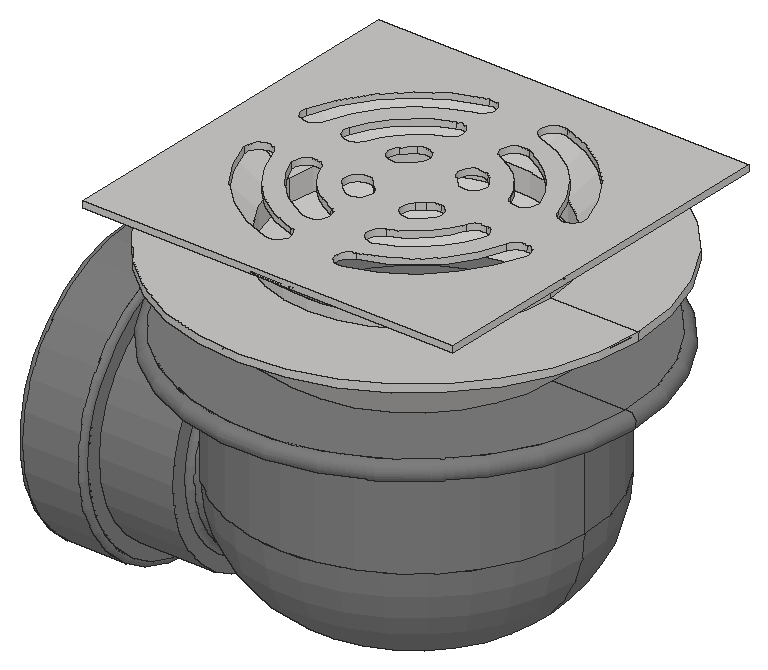
Revit family "PlumbingFixture_Drain_Galvin_DH", category Plumbing Fixtures, host Face, Revit 2011
Parameters (values of type "DH2B04SX - ST/ST 316")
  URL = "www.galvinengineering.com.au"
  Type Comments = "Square"
  StyleOrType_ANZRS = "Drain"
  ModifiedIssue_ANZRS = 20140526.01  # constant formula
  Model = "DH2B04SX - ST/ST 316"
  Manufacturer = "Galvin Engineering"
  Keynote = "10800"
  Instructions = "http://www.galvinengineering.com.au/Installation_Guides_1.aspx"
  GrateMaterial = Metal_Drains_Stainless-Steel_15400
  FilterObject_ANZRS = "DH-SX"
  OutletRadius_DoNotEdit = 25 mm
  DimTop = 100 mm  # constant formula
  DimOutlet = if(OutletRadius_DoNotEdit > 0 mm, (OutletRadius_DoNotEdit * 2), (OutletRadius_DoNotEdit * 2))  # 50 mm
  DimGrateHeight = 21 mm  # constant formula
  DimBodyHeight = 75 mm  # constant formula
  DimAdjustableTop = 35 mm  # constant formula
  Description = "Square Horizontal Drain Combination - Balcony"
  Default Elevation = 0 mm
  CreatedBy_ANZRS = "Galvin Engineering"
  CreatedByURL_ANZRS = "www.galvinengineering.com.au"
  CreatedByPhoneNo_ANZRS = "61-8-92495900"
  Circulation_ANZRS = yes
  CHWFlow_ANZRS = 1.2 L/s
  BodyMaterial = Metal_Drains_Cast-Iron_15400
  Assembly Code = "D2040200"
  Application = "PVC/HDPE"
Reference planes
  plane 1 "Center (Front/Back)": y = 0
  plane 2 "Face": z = 0
  plane 3 "Center (Left/Right)": x = 0
  plane 4 "Left": x = -50
  plane 5 "Right": x = 50
  plane 6 "AdjustableTop": z = 35
  plane 7 "GrateHeight": z = -21
  plane 8 "Bottom": z = -96
Forms (mm)
  Revolve 1, void
    sketch origin (0, 0, 0) x (1, 0, 0) y (0, 0, 1)
      loop
        line (0, 0) -> (0, -86.029) -> (13.824, -86.029)
        arc (13.824, -86.029) -> (36.452, -76.656) -> (45.824, -54.029) r 32
        line (45.824, -54.029) -> (45.824, -24.944) -> (57.024, -24.944)
        arc (57.024, -24.944) -> (59.524, -22.444) -> (57.024, -19.944) r 2.5
        line (57.024, -19.944) -> (36.928, -19.944) -> (58.262, -2) -> (60.262, -2) -> (60.262, 0) -> (0, 0)
      axis (0, 0) -> (0, -86.029)
    angle from 0 to 360
  Revolve 2, solid, material "Metal_Drains_Cast-Iron_15400" <- "BodyMaterial"
    sketch origin (0, 0, 0) x (1, 0, 0) y (0, 0, 1)
      loop
        line (35.75, -19.945) -> (35.75, -24.942) -> (43.824, -24.942) -> (43.824, -54.048)
        arc (43.824, -54.048) -> (35.037, -75.261) -> (13.824, -84.048) r 30
        line (13.824, -84.048) -> (0, -84.048) -> (0, -86.048) -> (13.824, -86.048)
        arc (13.824, -86.048) -> (36.452, -76.675) -> (45.824, -54.048) r 32
        line (45.824, -54.048) -> (45.824, -24.942) -> (57.111, -24.942)
        arc (57.111, -24.942) -> (59.523, -22.356) -> (56.937, -19.945) r 2.5
        line (56.937, -19.945) -> (35.75, -19.945)
      axis (0, -19.945) -> (0, -86.048)
    angle from 0 to 360
  Extrusion 3, solid, material "Metal_Drains_Stainless-Steel_15400" <- "GrateMaterial"
    sketch origin (0, 0, 0) x (1, 0, 0) y (0, 1, 0)
      loop
        line (50, 50) -> (-50, 50) -> (-50, -50) -> (50, -50) -> (50, 50)
      loop
        arc (-10.635, 38.001) -> (-27.994, 27.812) -> (-38.069, 10.387) r 39.461
        arc (-38.069, 10.387) -> (-35.662, 6.174) -> (-31.448, 8.581) r 3.431
        arc (-31.448, 8.581) -> (-23.125, 22.975) -> (-8.785, 31.392) r 32.598
        arc (-8.785, 31.392) -> (-6.888, 32.744) -> (-6.292, 34.995) r 3.431
        arc (-6.292, 34.995) -> (-7.758, 37.518) -> (-10.635, 38.001) r 3.431
      loop
        arc (-9.882, 25.873) -> (-19.638, 19.53) -> (-25.927, 9.74) r 27.696
        arc (-25.927, 9.74) -> (-23.921, 5.321) -> (-19.503, 7.326) r 3.431
        arc (-19.503, 7.326) -> (-14.772, 14.691) -> (-7.433, 19.462) r 20.833
        arc (-7.433, 19.462) -> (-5.749, 20.847) -> (-5.239, 22.967) r 3.431
        arc (-5.239, 22.967) -> (-6.837, 25.576) -> (-9.882, 25.873) r 3.431
      loop
        arc (-12.401, 9.606) -> (-11.79, 4.792) -> (-6.976, 5.403) r 3.431
        arc (-6.976, 5.403) -> (-6.244, 6.234) -> (-5.415, 6.966) r 8.824
        arc (-5.415, 6.966) -> (-4.376, 8.303) -> (-4.103, 9.975) r 3.431
        arc (-4.103, 9.975) -> (-6.149, 12.821) -> (-9.627, 12.385) r 3.431
        arc (-9.627, 12.385) -> (-11.101, 11.082) -> (-12.401, 9.606) r 15.686
      loop
        arc (-12.385, -9.627) -> (-11.082, -11.101) -> (-9.606, -12.401) r 15.686
        arc (-9.606, -12.401) -> (-4.792, -11.79) -> (-5.403, -6.976) r 3.431
        arc (-5.403, -6.976) -> (-6.234, -6.244) -> (-6.966, -5.415) r 8.824
        arc (-6.966, -5.415) -> (-11.781, -4.812) -> (-12.385, -9.627) r 3.431
      loop
        arc (-25.873, -9.882) -> (-19.53, -19.638) -> (-9.74, -25.927) r 27.696
        arc (-9.74, -25.927) -> (-5.321, -23.921) -> (-7.326, -19.503) r 3.431
        arc (-7.326, -19.503) -> (-14.691, -14.772) -> (-19.462, -7.433) r 20.833
        arc (-19.462, -7.433) -> (-23.892, -5.452) -> (-25.873, -9.882) r 3.431
      loop
        arc (-31.392, -8.785) -> (-35.621, -6.406) -> (-38.001, -10.635) r 3.431
        arc (-38.001, -10.635) -> (-27.812, -27.994) -> (-10.387, -38.069) r 39.461
        arc (-10.387, -38.069) -> (-6.174, -35.662) -> (-8.581, -31.448) r 3.431
        arc (-8.581, -31.448) -> (-22.975, -23.125) -> (-31.392, -8.785) r 32.598
      loop
        arc (8.785, -31.392) -> (6.406, -35.621) -> (10.635, -38.001) r 3.431
        arc (10.635, -38.001) -> (27.994, -27.812) -> (38.069, -10.387) r 39.461
        arc (38.069, -10.387) -> (37.566, -7.511) -> (35.029, -6.063) r 3.431
        arc (35.029, -6.063) -> (32.785, -6.677) -> (31.448, -8.581) r 3.431
        arc (31.448, -8.581) -> (23.125, -22.975) -> (8.785, -31.392) r 32.598
      loop
        arc (7.433, -19.462) -> (5.452, -23.892) -> (9.882, -25.873) r 3.431
        arc (9.882, -25.873) -> (19.638, -19.53) -> (25.927, -9.74) r 27.696
        arc (25.927, -9.74) -> (25.61, -6.692) -> (22.985, -5.112) r 3.431
        arc (22.985, -5.112) -> (20.874, -5.637) -> (19.503, -7.326) r 3.431
        arc (19.503, -7.326) -> (14.772, -14.691) -> (7.433, -19.462) r 20.833
      loop
        arc (12.401, -9.606) -> (12.826, -6.116) -> (9.959, -4.084) r 3.431
        arc (9.959, -4.084) -> (8.3, -4.366) -> (6.976, -5.403) r 3.431
        arc (6.976, -5.403) -> (6.244, -6.234) -> (5.415, -6.966) r 8.824
        arc (5.415, -6.966) -> (4.812, -11.781) -> (9.627, -12.385) r 3.431
        arc (9.627, -12.385) -> (11.101, -11.082) -> (12.401, -9.606) r 15.686
      loop
        arc (6.966, 5.415) -> (11.781, 4.812) -> (12.385, 9.627) r 3.431
        arc (12.385, 9.627) -> (11.082, 11.101) -> (9.606, 12.401) r 15.686
        arc (9.606, 12.401) -> (4.792, 11.79) -> (5.403, 6.976) r 3.431
        arc (5.403, 6.976) -> (6.234, 6.244) -> (6.966, 5.415) r 8.824
      loop
        arc (19.462, 7.433) -> (23.892, 5.452) -> (25.873, 9.882) r 3.431
        arc (25.873, 9.882) -> (19.53, 19.638) -> (9.74, 25.927) r 27.696
        arc (9.74, 25.927) -> (5.321, 23.921) -> (7.326, 19.503) r 3.431
        arc (7.326, 19.503) -> (14.691, 14.772) -> (19.462, 7.433) r 20.833
      loop
        arc (31.392, 8.785) -> (35.621, 6.406) -> (38.001, 10.635) r 3.431
        arc (38.001, 10.635) -> (27.812, 27.994) -> (10.387, 38.069) r 39.461
        arc (10.387, 38.069) -> (6.174, 35.662) -> (8.581, 31.448) r 3.431
        arc (8.581, 31.448) -> (22.975, 23.125) -> (31.392, 8.785) r 32.598
    from 15.055 to 13.4
  Revolve 4, solid, material "Metal_Drains_Stainless-Steel_15400" <- "GrateMaterial"
    sketch origin (0, 0, 0) x (1, 0, 0) y (0, 0, 1)
      loop
        line (49.731, 13.348) -> (46.475, 13.348) -> (34.438, 3.978) -> (34.438, -2) -> (55.155, -2) -> (33.82, -19.945) -> (36.927, -19.945) -> (58.262, -2) -> (60.262, -2) -> (60.262, 0) -> (36.438, 0) -> (36.438, 3) -> (49.731, 13.348)
      axis (0, 13.348) -> (0, -19.945)
    angle from 0 to 360
  Revolve 5, solid, material "Metal_Drains_Cast-Iron_15400" <- "BodyMaterial"
    sketch origin (0, 0, -1.055) x (1, 0, 0) y (0, 0, 1)
      loop
        line (-13.63, -84.445) -> (-13.63, -82.445) -> (-77.976, -82.445) -> (-77.976, -93.445)
        arc (-77.976, -93.445) -> (-77.536, -94.506) -> (-76.476, -94.945) r 1.5
        line (-76.476, -94.945) -> (-61.476, -94.945)
        arc (-61.476, -94.945) -> (-60.415, -94.506) -> (-59.976, -93.445) r 1.5
        line (-59.976, -93.445) -> (-59.976, -89.792) -> (-39.88, -89.792) -> (-39.88, -85.975)
        arc (-39.88, -85.975) -> (-39.432, -84.893) -> (-38.35, -84.445) r 1.53
        line (-38.35, -84.445) -> (-13.63, -84.445)
      axis (-13.63, -57.445) -> (-77.976, -57.445)
    angle from 0 to 360
  Revolve 6, void
    sketch origin (0, 0, -1.055) x (1, 0, 0) y (0, 0, 1)
      loop
        line (-13.63, -84.445) -> (-13.63, -57.445) -> (-77.976, -57.445) -> (-77.976, -93.445)
        arc (-77.976, -93.445) -> (-77.536, -94.506) -> (-76.476, -94.945) r 1.5
        line (-76.476, -94.945) -> (-61.476, -94.945)
        arc (-61.476, -94.945) -> (-60.415, -94.506) -> (-59.976, -93.445) r 1.5
        line (-59.976, -93.445) -> (-59.976, -89.792) -> (-39.88, -89.792) -> (-39.88, -85.975)
        arc (-39.88, -85.975) -> (-39.432, -84.893) -> (-38.35, -84.445) r 1.53
        line (-38.35, -84.445) -> (-13.63, -84.445)
      axis (-13.63, -57.445) -> (-77.976, -57.445)
    angle from 0 to 360
Lines and regions (mm)
  symbolic lines, style "Waste Outlets", detail levels medium+fine
    curve 1: line (44.804, 44.804, 0) -> (-44.804, 44.804, 0)
    curve 2: line (-44.804, 44.804, 0) -> (-44.804, -44.804, 0)
    curve 3: line (-44.804, -44.804, 0) -> (44.804, -44.804, 0)
    curve 4: line (44.804, -44.804, 0) -> (44.804, 44.804, 0)
    curve 10: circle (-37.549, 37.549, 0) r 1.701 normal (0, 0, 1)
    curve 12: circle (37.549, 37.549, 0) r 1.701 normal (0, 0, 1)
    curve 14: circle (37.549, -37.549, 0) r 1.701 normal (0, 0, 1)
    curve 16: circle (-37.549, -37.549, 0) r 1.701 normal (0, 0, 1)
  symbolic lines, style "Waste Outlets", detail levels fine
    curve 5: line (43.824, 43.824, 0) -> (-43.824, 43.824, 0)
    curve 6: line (-43.824, 43.824, 0) -> (-43.824, -43.824, 0)
    curve 7: line (-43.824, -43.824, 0) -> (43.824, -43.824, 0)
    curve 8: line (43.824, -43.824, 0) -> (43.824, 43.824, 0)
  symbolic lines, style "Waste Outlets"
    curve 9: circle (-37.549, 37.549, 0) r 4.902 normal (0, 0, 1)
    curve 11: circle (37.549, 37.549, 0) r 4.902 normal (0, 0, 1)
    curve 13: circle (37.549, -37.549, 0) r 4.902 normal (0, 0, 1)
    curve 15: circle (-37.549, -37.549, 0) r 4.902 normal (0, 0, 1)
Dimensions and locks
  "DimTop": plane 4 "Left" to plane 5 "Right"
  "DimAdjustableTop": plane 6 "AdjustableTop" to plane 2 "Face"
  "DimGrateHeight": plane 2 "Face" to plane 7 "GrateHeight"
  "DimBodyHeight": plane 7 "GrateHeight" to plane 8 "Bottom"
  aligned and locked: plane 2 "Face" to host face
  aligned and locked: level to host face
Automatic sketch dimensions
  host sketch curve to host sketch curve = 400 mm  (x2)
  Extrusion 3 sketch curve to plane 4 "Left" = 0 mm
  Extrusion 3 sketch curve to plane 5 "Right" = 0 mm
  plane 1 "Center (Front/Back)" to Extrusion 3 sketch curve = 50 mm
  Extrusion 3 sketch curve to plane 1 "Center (Front/Back)" = 50 mm
  Extrusion 3 sketch curve to Extrusion 3 sketch curve = 0 mm  (x94)
  plane 1 "Center (Front/Back)" to Extrusion 3 sketch curve = 0 mm
  Extrusion 3 sketch curve to plane 3 "Center (Left/Right)" = 0 mm
  Extrusion 3 sketch curve to plane 4 "Left" = 11.931 mm
  Extrusion 3 sketch curve to Extrusion 3 sketch curve = 3.31 mm  (x2)
  Extrusion 3 sketch curve to plane 3 "Center (Left/Right)" = 10.635 mm
  Extrusion 3 sketch curve to Extrusion 3 sketch curve = 0.925 mm  (x2)
  Extrusion 3 sketch curve to Extrusion 3 sketch curve = 3.418 mm  (x2)
  Extrusion 3 sketch curve to plane 1 "Center (Front/Back)" = 8.581 mm
  Extrusion 3 sketch curve to Extrusion 3 sketch curve = 5.521 mm
  Extrusion 3 sketch curve to Extrusion 3 sketch curve = 3.212 mm  (x2)
  Extrusion 3 sketch curve to Extrusion 3 sketch curve = 1.097 mm  (x2)
  Extrusion 3 sketch curve to Extrusion 3 sketch curve = 1.224 mm  (x2)
  Extrusion 3 sketch curve to plane 1 "Center (Front/Back)" = 7.326 mm
  Extrusion 3 sketch curve to Extrusion 3 sketch curve = 7.101 mm
  Extrusion 3 sketch curve to Extrusion 3 sketch curve = 2.713 mm
  Extrusion 3 sketch curve to Extrusion 3 sketch curve = 2.774 mm
  Extrusion 3 sketch curve to Extrusion 3 sketch curve = 2.167 mm  (x2)
  Extrusion 3 sketch curve to Extrusion 3 sketch curve = 1.312 mm
  Extrusion 3 sketch curve to plane 1 "Center (Front/Back)" = 5.403 mm
  Extrusion 3 sketch curve to plane 3 "Center (Left/Right)" = 12.385 mm
  Extrusion 3 sketch curve to Extrusion 3 sketch curve = 2.709 mm
  Extrusion 3 sketch curve to Extrusion 3 sketch curve = 2.779 mm
  Extrusion 3 sketch curve to Extrusion 3 sketch curve = 2.171 mm  (x2)
  plane 1 "Center (Front/Back)" to Extrusion 3 sketch curve = 12.401 mm
  Extrusion 3 sketch curve to Extrusion 3 sketch curve = 13.488 mm
  Extrusion 3 sketch curve to Extrusion 3 sketch curve = 3.206 mm  (x2)
  Extrusion 3 sketch curve to plane 3 "Center (Left/Right)" = 9.74 mm
  Extrusion 3 sketch curve to Extrusion 3 sketch curve = 1.207 mm  (x2)
  Extrusion 3 sketch curve to Extrusion 3 sketch curve = 13.526 mm
  Extrusion 3 sketch curve to plane 4 "Left" = 11.999 mm
  Extrusion 3 sketch curve to Extrusion 3 sketch curve = 3.304 mm  (x2)
  Extrusion 3 sketch curve to plane 3 "Center (Left/Right)" = 10.387 mm
  Extrusion 3 sketch curve to Extrusion 3 sketch curve = 0.903 mm  (x2)
  Extrusion 3 sketch curve to Extrusion 3 sketch curve = 12.142 mm
  plane 3 "Center (Left/Right)" to Extrusion 3 sketch curve = 8.785 mm
  plane 1 "Center (Front/Back)" to Extrusion 3 sketch curve = 8.581 mm
  Extrusion 3 sketch curve to plane 5 "Right" = 18.552 mm
  Extrusion 3 sketch curve to Extrusion 3 sketch curve = 0.27 mm  (x2)
  plane 3 "Center (Left/Right)" to Extrusion 3 sketch curve = 7.433 mm
  Extrusion 3 sketch curve to Extrusion 3 sketch curve = 11.946 mm
  Extrusion 3 sketch curve to Extrusion 3 sketch curve = 5.519 mm  (x2)
  plane 3 "Center (Left/Right)" to Extrusion 3 sketch curve = 5.415 mm
  Extrusion 3 sketch curve to Extrusion 3 sketch curve = 1.561 mm
  Extrusion 3 sketch curve to Extrusion 3 sketch curve = 2.106 mm
  Extrusion 3 sketch curve to Extrusion 3 sketch curve = 2.983 mm
  Extrusion 3 sketch curve to Extrusion 3 sketch curve = 7.077 mm  (x2)
  plane 3 "Center (Left/Right)" to Extrusion 3 sketch curve = 5.403 mm
  Extrusion 3 sketch curve to Extrusion 3 sketch curve = 1.563 mm
  Extrusion 3 sketch curve to Extrusion 3 sketch curve = 2.101 mm
  Extrusion 3 sketch curve to plane 1 "Center (Front/Back)" = 5.415 mm
  plane 3 "Center (Left/Right)" to Extrusion 3 sketch curve = 7.326 mm
  Extrusion 3 sketch curve to Extrusion 3 sketch curve = 2.194 mm
  Extrusion 3 sketch curve to Extrusion 3 sketch curve = 1.159 mm
  Revolve 4 sketch curve to plane 3 "Center (Left/Right)" = 0 mm
  Revolve 4 sketch curve to level = 0 mm
  Revolve 4 sketch curve to plane 5 "Right" = 16.18 mm
  level to Revolve 4 sketch curve = 3.978 mm
  Revolve 4 sketch curve to plane 5 "Right" = 15.562 mm
  Revolve 4 sketch curve to Revolve 4 sketch curve = 2 mm  (x2)
  Revolve 4 sketch curve to Revolve 4 sketch curve = 3.107 mm  (x2)
  Revolve 4 sketch curve to plane 5 "Right" = 3.525 mm
  Revolve 4 sketch curve to plane 5 "Right" = 0.269 mm
  Revolve 4 sketch curve to level = 2 mm  (x2)
  plane 5 "Right" to Revolve 4 sketch curve = 5.155 mm
  Revolve 4 sketch curve to Revolve 4 sketch curve = 17.945 mm
  Revolve 4 sketch curve to level = 32.509 mm
  Revolve 4 sketch curve to Revolve 4 sketch curve = 0.978 mm
  level to Revolve 4 sketch curve = 13.348 mm
  Revolve 4 sketch curve to plane 6 "AdjustableTop" = 2.509 mm
  Revolve 2 sketch curve to Revolve 2 sketch curve = 0 mm  (x3)
  Revolve 2 sketch curve to plane 3 "Center (Left/Right)" = 0 mm  (x2)
  plane 3 "Center (Left/Right)" to Revolve 2 sketch curve = 13.824 mm
  Revolve 2 sketch curve to plane 5 "Right" = 6.176 mm
  Revolve 2 sketch curve to Revolve 2 sketch curve = 8.074 mm
  plane 5 "Right" to Revolve 2 sketch curve = 6.937 mm
  Revolve 2 sketch curve to Revolve 2 sketch curve = 0.087 mm  (x2)
  Revolve 2 sketch curve to level = 86.048 mm
  Revolve 2 sketch curve to Revolve 2 sketch curve = 1.539 mm
  Revolve 2 sketch curve to Revolve 2 sketch curve = 29.106 mm
  Revolve 2 sketch curve to Revolve 2 sketch curve = 2.498 mm
  plane 6 "AdjustableTop" to Revolve 2 sketch curve = 94.705 mm
  Revolve 2 sketch curve to Revolve 2 sketch curve = 2 mm
  Revolve 5 sketch curve to Revolve 5 sketch curve = 10.631 mm
  Revolve 5 sketch curve to Revolve 5 sketch curve = 1.5 mm  (x2)
  plane 4 "Left" to Revolve 5 sketch curve = 11.476 mm
  Revolve 5 sketch curve to plane 4 "Left" = 1.371 mm
  Revolve 5 sketch curve to plane 4 "Left" = 10.12 mm
  Revolve 5 sketch curve to Revolve 5 sketch curve = 1.53 mm
  Revolve 5 sketch curve to plane 3 "Center (Left/Right)" = 13.63 mm
  Revolve 5 sketch curve to level = 96 mm
  Revolve 5 sketch curve to Revolve 5 sketch curve = 3.653 mm
  Revolve 5 sketch curve to Revolve 5 sketch curve = 3.817 mm
  Revolve 5 sketch curve to Revolve 5 sketch curve = 2 mm
  Revolve 5 sketch curve to Revolve 5 sketch curve = 32.347 mm
  Revolve 5 sketch curve to Revolve 5 sketch curve = 18 mm
  curve 1 to plane 4 "Left" = 5.196 mm
  curve 3 to plane 5 "Right" = 5.196 mm
  plane 1 "Center (Front/Back)" to curve 3 = 44.804 mm
  curve 2 to plane 1 "Center (Front/Back)" = 44.804 mm
  curve 2 to curve 6 = 0.98 mm
  curve 7 to curve 3 = 0.98 mm
  curve 3 to curve 7 = 0.98 mm
  curve 5 to curve 1 = 0.98 mm
  Revolve 1 sketch curve to level = 0 mm
  Revolve 1 sketch curve to plane 3 "Center (Left/Right)" = 0 mm  (x2)
  plane 3 "Center (Left/Right)" to Revolve 1 sketch curve = 13.824 mm
  plane 7 "GrateHeight" to Revolve 1 sketch curve = 1.056 mm
  Revolve 1 sketch curve to plane 5 "Right" = 13.072 mm
  Revolve 1 sketch curve to plane 5 "Right" = 4.176 mm
  plane 5 "Right" to Revolve 1 sketch curve = 7.024 mm
  Revolve 1 sketch curve to level = 2 mm
  plane 5 "Right" to Revolve 1 sketch curve = 8.262 mm
  Revolve 1 sketch curve to Revolve 1 sketch curve = 2 mm
  Revolve 1 sketch curve to plane 7 "GrateHeight" = 1.444 mm
  Revolve 1 sketch curve to Revolve 1 sketch curve = 29.085 mm
  Revolve 1 sketch curve to plane 8 "Bottom" = 26.509 mm
  Revolve 1 sketch curve to plane 6 "AdjustableTop" = 12.509 mm
  Revolve 6 sketch curve to plane 8 "Bottom" = 0 mm
  plane 4 "Left" to Revolve 6 sketch curve = 38.607 mm
  Revolve 6 sketch curve to Revolve 6 sketch curve = 10.631 mm
  Revolve 6 sketch curve to Revolve 6 sketch curve = 1.5 mm
  plane 8 "Bottom" to Revolve 6 sketch curve = 1.5 mm
  plane 4 "Left" to Revolve 6 sketch curve = 11.476 mm
  Revolve 6 sketch curve to plane 4 "Left" = 1.371 mm
  Revolve 6 sketch curve to plane 4 "Left" = 10.12 mm
  Revolve 6 sketch curve to Revolve 6 sketch curve = 1.53 mm
  Revolve 6 sketch curve to plane 3 "Center (Left/Right)" = 13.63 mm
  Revolve 6 sketch curve to Revolve 6 sketch curve = 3.653 mm
  Revolve 6 sketch curve to Revolve 6 sketch curve = 3.817 mm
  Revolve 6 sketch curve to Revolve 6 sketch curve = 27 mm  (x2)
Connectors
  piping at (-77.976, 0, -58.5), driven by "OutletRadius_DoNotEdit"
    settings: on Revolve 5, index 1, connector radius 0.98425", flow factor 0, pipe flow 0.0 L/s, pressure drop 0.00 psi, fitting loss kfactor 0, connector angle 0.00°, fixture units 0, engagement length 0 mm, flow configuration 0, flow direction 0, fitting loss method 0, system type 28, joint type 0, gender type 0, connector reference index -1, connector utility 0, adjustable connector no, is connector primary yes, fitting loss table "", connector description ""
